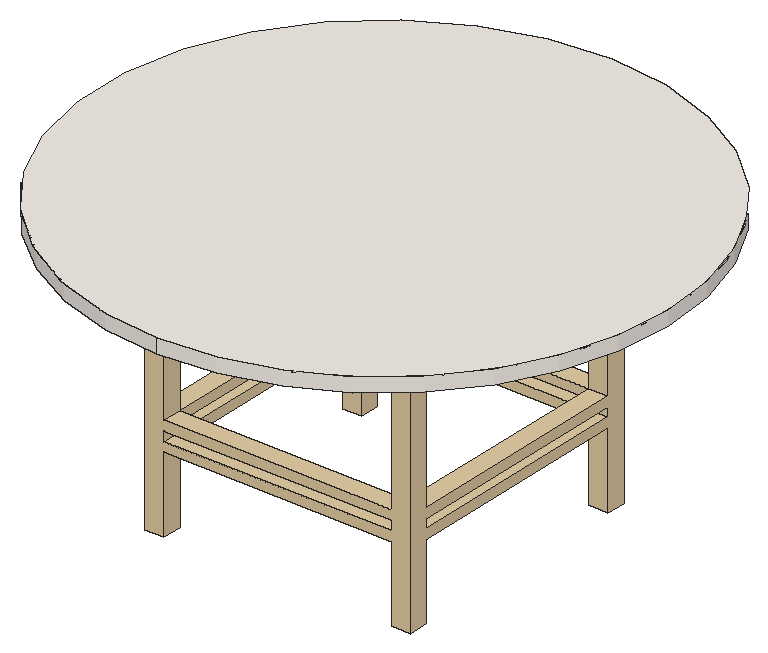
Revit family "f0b2a77f7bda4ef499d30d2c27a94f06", category Furniture, Revit 2021
Family settings
  OmniClass Number = 23.40.20.14.17.11
  OmniClass Title = Dining Room Tables
  Seek Item ID = Table-Dining Round-0000-USA-ENU
  Work Plane-Based = No
  Always vertical = Yes
  Cut with Voids When Loaded = No
  Shared = Yes
  Room Calculation Point = No
Parameters (values of type "60" Diameter")
  Default Elevation = 0' - 0"
  Assembly Code = "E2020200"
  Diameter = 5' - 0"
  Height = 2' - 6"
  Base Material = Pine
  Top Material = Laminate, Linen, Matte
Types (4): name | Diameter
  (no name) | 5' - 0"
  36" Diameter | 3' - 0"
  60" Diameter | 5' - 0"
  84" Diameter | 7' - 0"
Reference planes (in)
  plane 1 "Center (Front/Back)": y = -7.27869
  plane 2: z = 0
  plane 3 "Center (Left/Right)": x = 4.08197
  plane 4: y = 22.72131
  plane 5: y = -37.27869
  plane 6: x = -25.91803
  plane 7: x = 34.08197
  plane 8: x = -10.91803
  plane 9: x = 19.08197
  plane 10: y = 7.72131
  plane 11: y = -22.27869
  plane 12: z = 30
  plane 13: z = 28.5
  plane 14: z = 25.5
Forms (in)
  Extrusion 1, solid, material "Pine" <- "Base Material"
    sketch origin (0, 0, 0) x (1, 0, 0) y (0, 1, 0)
      loop
        line (-10.91803, 7.72131) -> (-10.91803, -22.27869) -> (19.08197, -22.27869) -> (19.08197, 7.72131) -> (-10.91803, 7.72131)
      loop
        line (-9.91803, 6.72131) -> (-9.91803, -21.27869) -> (18.08197, -21.27869) -> (18.08197, 6.72131) -> (-9.91803, 6.72131)
    from 25.5 to 28.5
  Extrusion 2, solid, material "Pine" <- "Base Material"
    sketch origin (0, 0, 0) x (1, 0, 0) y (0, 1, 0)
      loop
        line (-9.91803, 6.72131) -> (-9.91803, 4.72131) -> (-7.91803, 4.72131) -> (-7.91803, 6.72131) -> (-9.91803, 6.72131)
      loop
        line (18.08197, 6.72131) -> (16.08197, 6.72131) -> (16.08197, 4.72131) -> (18.08197, 4.72131) -> (18.08197, 6.72131)
      loop
        line (18.08197, -21.27869) -> (18.08197, -19.27869) -> (16.08197, -19.27869) -> (16.08197, -21.27869) -> (18.08197, -21.27869)
      loop
        line (-9.91803, -21.27869) -> (-7.91803, -21.27869) -> (-7.91803, -19.27869) -> (-9.91803, -19.27869) -> (-9.91803, -21.27869)
    from 0 to 28.5
  Extrusion 3, solid, material "Pine" <- "Base Material"
    sketch origin (0, 0, 0) x (1, 0, 0) y (0, 1, 0)
      loop
        line (-9.91803, 6.72131) -> (-9.91803, -21.27869) -> (18.08197, -21.27869) -> (18.08197, 6.72131) -> (-9.91803, 6.72131)
      loop
        line (-7.91803, 4.72131) -> (-7.91803, -19.27869) -> (16.08197, -19.27869) -> (16.08197, 4.72131) -> (-7.91803, 4.72131)
    from 10 to 11
  Extrusion 4, solid, material "Pine" <- "Base Material"
    sketch origin (0, 0, 0) x (1, 0, 0) y (0, 1, 0)
      loop
        line (-9.91803, 6.72131) -> (-9.91803, -21.27869) -> (18.08197, -21.27869) -> (18.08197, 6.72131) -> (-9.91803, 6.72131)
      loop
        line (-7.91803, 4.72131) -> (-7.91803, -19.27869) -> (16.08197, -19.27869) -> (16.08197, 4.72131) -> (-7.91803, 4.72131)
    from 8 to 9
  Extrusion 5, solid, material "Laminate, Linen, Matte" <- "Top Material"
    sketch origin (0, 0, 30) x (0, -1, 0) y (-1, 0, 0)
      loop
        circle (7.27869, -4.08197) r 30
    from 0 to 1.5
Cuts and joins
  joined: Extrusion 2, Extrusion 3, Extrusion 4
Lines and regions (in)
  Masking region 1
    outline origin (0, 0, 0) x (1, 0, 0) y (0, 1, 0)
      loop
        circle (4.08197, -7.27869) r 30
Dimensions and locks (in)
  "Diameter": plane 6 to plane 7
  "Diameter": plane 5 to plane 4
  equal spacing: plane 6, plane 8, plane 3 "Center (Left/Right)", plane 9, plane 7
  equal spacing: plane 5, plane 11, plane 1 "Center (Front/Back)", plane 10, plane 4
  locked: Extrusion 1 sketch curve to Extrusion 1 sketch curve at 1  (x4)
  "Height": plane 12 to plane 2
  locked: Extrusion 2 sketch curve to Extrusion 2 sketch curve at 2  (x5)
  locked: Extrusion 1 to Extrusion 1 at 3
  locked: plane 12 to plane 13 at 1.5
  locked: plane 13 to plane 14 at 3
  aligned and locked: Extrusion 2 sketch curve to Extrusion 1  (x3)
  aligned and locked: plane 3 "Center (Left/Right)" to Extrusion 5 sketch curve
  aligned and locked: Masking region 1 sketch curve to Extrusion 5
  aligned and locked: Extrusion 5 to plane 13
  aligned and locked: plane 13 to cut or joined group of Extrusion 2, Extrusion 3, Extrusion 4
  aligned and locked: plane 13 to Extrusion 1
Automatic sketch dimensions
  Extrusion 1 sketch curve to plane 8 = 0' - 0"
  Extrusion 1 sketch curve to plane 9 = 0' - 0"
  Extrusion 1 sketch curve to plane 11 = 0' - 0"
  Extrusion 1 sketch curve to plane 10 = 0' - 0"
  Extrusion 2 sketch curve to plane 8 = 0' - 1"  (x2)
  Extrusion 2 sketch curve to Extrusion 2 sketch curve = 0' - 2"  (x3)
  Extrusion 2 sketch curve to plane 11 = 0' - 1"
  plane 9 to Extrusion 2 sketch curve = 0' - 1"  (x2)
  Extrusion 3 sketch curve to plane 8 = 0' - 1"
  Extrusion 3 sketch curve to Extrusion 3 sketch curve = 0' - 2"  (x2)
  plane 9 to Extrusion 3 sketch curve = 0' - 3"
  plane 9 to Extrusion 3 sketch curve = 0' - 1"
  Extrusion 3 sketch curve to plane 11 = 0' - 1"
  Extrusion 3 sketch curve to plane 10 = 0' - 3"
  Extrusion 3 sketch curve to plane 10 = 0' - 1"
  Extrusion 4 sketch curve to plane 8 = 0' - 1"
  Extrusion 4 sketch curve to Extrusion 4 sketch curve = 0' - 2"  (x2)
  plane 9 to Extrusion 4 sketch curve = 0' - 3"
  plane 9 to Extrusion 4 sketch curve = 0' - 1"
  Extrusion 4 sketch curve to plane 11 = 0' - 1"
  Extrusion 4 sketch curve to plane 10 = 0' - 3"
  Extrusion 4 sketch curve to plane 10 = 0' - 1"
  Extrusion 5 sketch curve to plane 4 = 0' - 0"
  Extrusion 5 sketch curve to plane 1 "Center (Front/Back)" = 0' - 0"
